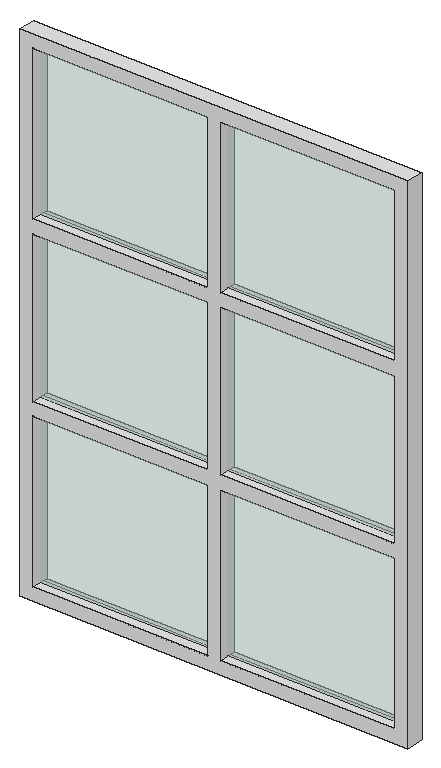
Revit family "CT_Jan_Ext_6Vid", category Windows, host Wall, Revit 2025
Family settings
  Host = Wall
  OmniClass Number = 23.30.20.00
  OmniClass Title = Windows
  Always vertical = Yes
  Cut with Voids When Loaded = No
  Shared = No
  Room Calculation Point = Yes
Parameters (values of type "JAN_FAC_6PA_SIM")
  Material_Vidro = CT_Vidros
  Material_Esquadria = CT_Esquadrias_Aluminio
  Height = 2.950 m
  Espess_Esquadria = 0.075 m
  Define Thermal Properties by = Schematic Type
  Default Sill Height = 0.800 m
  Wall Closure = By host
  Width = 2.250 m
  Analytic Construction = "<None>"
  Alt_Bandeira_Sup = 1.000 m
  Alt_Bandeira_Inf = 1.000 m
Reference planes (m)
  plane 1 "Center (Front/Back)": y = 0
  plane 2 "Center (Left/Right)": x = 0
  plane 3 "Left": x = -1.125
  plane 4 "Right": x = 1.125
  plane 5 "Sill": z = 0.8
  plane 6 "Head": z = 3.75
  plane 7 "Exterior": y = 0.05
  plane 8 "Interior": y = -0.05
  plane 9: z = 2.75
  plane 10: z = 1.8
Forms (m)
  Extrusion 1, solid, material "CT_Esquadrias_Aluminio" <- "Material_Esquadria"
    sketch origin (0, 0.05, 0) x (1, 0, 0) y (0, 0, 1)
      loop
        line (1.125, 3.75) -> (-1.125, 3.75) -> (-1.125, 0.8) -> (1.125, 0.8) -> (1.125, 3.75)
      loop
        line (1.05, 3.675) -> (0.0375, 3.675) -> (0.0375, 2.7875) -> (1.05, 2.7875) -> (1.05, 3.675)
      loop
        line (1.05, 0.875) -> (1.05, 1.7625) -> (0.0375, 1.7625) -> (0.0375, 0.875) -> (1.05, 0.875)
      loop
        line (-1.05, 0.875) -> (-0.0375, 0.875) -> (-0.0375, 1.7625) -> (-1.05, 1.7625) -> (-1.05, 0.875)
      loop
        line (-1.05, 3.675) -> (-1.05, 2.7875) -> (-0.0375, 2.7875) -> (-0.0375, 3.675) -> (-1.05, 3.675)
      loop
        line (-1.05, 2.7125) -> (-1.05, 1.8375) -> (-0.0375, 1.8375) -> (-0.0375, 2.7125) -> (-1.05, 2.7125)
      loop
        line (0.0375, 2.7125) -> (0.0375, 1.8375) -> (1.05, 1.8375) -> (1.05, 2.7125) -> (0.0375, 2.7125)
    from 0 to 0.1
  Extrusion 2, solid, material "CT_Vidros" <- "Material_Vidro"
    sketch origin (0, 0.05, 0) x (1, 0, 0) y (0, 0, 1)
      loop
        line (1.05, 3.675) -> (0.0375, 3.675) -> (0.0375, 2.7875) -> (1.05, 2.7875) -> (1.05, 3.675)
      loop
        line (-0.0375, 2.7875) -> (-0.0375, 3.675) -> (-1.05, 3.675) -> (-1.05, 2.7875) -> (-0.0375, 2.7875)
      loop
        line (-0.0375, 2.7125) -> (-1.05, 2.7125) -> (-1.05, 1.8375) -> (-0.0375, 1.8375) -> (-0.0375, 2.7125)
      loop
        line (1.05, 2.7125) -> (0.0375, 2.7125) -> (0.0375, 1.8375) -> (1.05, 1.8375) -> (1.05, 2.7125)
      loop
        line (1.05, 1.7625) -> (0.0375, 1.7625) -> (0.0375, 0.875) -> (1.05, 0.875) -> (1.05, 1.7625)
      loop
        line (-0.0375, 1.7625) -> (-1.05, 1.7625) -> (-1.05, 0.875) -> (-0.0375, 0.875) -> (-0.0375, 1.7625)
    from 0.031039 to 0.05
Lines and regions (m)
  Opening 1
    outline origin (3.5, -0.05, 0) x (1, 0, 0) y (0, 0, 1)
      loop
        line (-2.375, 0.8) -> (-2.375, 3.75) -> (-4.625, 3.75) -> (-4.625, 0.8) -> (-2.375, 0.8)
Text (m)
  text "EXTERIOR" at (-1.963203, 1.332353, 0), in view "Ref. Level"
  text "INTERIOR" at (-1.981466, -0.818386, 0), in view "Ref. Level"
  text "Exterior" at (0, 0.923751, 2.943296), in view "Right"
  text "Exterior" at (0, 1.040484, 2.685409), in view "Left"
Dimensions and locks (m)
  equal spacing: plane 3 "Left", plane 2 "Center (Left/Right)", plane 4 "Right"
  "Width": plane 3 "Left" to plane 4 "Right"
  "Height": plane 5 "Sill" to plane 6 "Head"
  "Default Sill Height": plane 5 "Sill" to level
  locked: plane 7 "Exterior" to host wall
  locked: plane 8 "Interior" to host wall
  "Alt_Bandeira_Sup": plane 9 to plane 6 "Head"
  "Alt_Bandeira_Inf": plane 5 "Sill" to plane 10
  Extrusion 1 to Extrusion 1 = 0.075 m
  equal spacing: Extrusion 1 sketch curve, plane 2 "Center (Left/Right)", Extrusion 1 sketch curve
  equal spacing: Extrusion 1 sketch curve, plane 9, Extrusion 1 sketch curve
  equal spacing: Extrusion 1 sketch curve, plane 10, Extrusion 1 sketch curve
  Extrusion 1 sketch curve to Extrusion 1 sketch curve = 0.075 m  (x2)
  "Espess_Esquadria": Extrusion 1 sketch curve to Extrusion 1 sketch curve  (x7)
  Extrusion 1 to Extrusion 2 = 0.050 m
  locked: Extrusion 2 to Extrusion 2 at 0.018961
  aligned and locked: Extrusion 1 sketch curve to Extrusion 1 sketch curve  (x14)
  aligned and locked: plane 3 "Left" to Extrusion 1
  aligned and locked: Extrusion 1 to plane 4 "Right"
  aligned and locked: Extrusion 2 sketch curve to Extrusion 1  (x24)
  aligned and locked: host wall to Extrusion 1  (x2)
  aligned and locked: Extrusion 2 to host wall
Automatic sketch dimensions
  Opening 1 sketch curve to plane 3 "Left" = 0.000 m
  Opening 1 sketch curve to plane 4 "Right" = 0.000 m
  Opening 1 sketch curve to plane 5 "Sill" = 0.000 m
  Opening 1 sketch curve to plane 6 "Head" = 0.000 m
  plane 9 to Extrusion 2 sketch curve = 0.0375 m
  Extrusion 1 sketch curve to plane 3 "Left" = 0.000 m
  Extrusion 1 sketch curve to plane 4 "Right" = 0.000 m
  Extrusion 1 sketch curve to plane 5 "Sill" = 0.000 m
  Extrusion 1 sketch curve to plane 6 "Head" = 0.000 m
